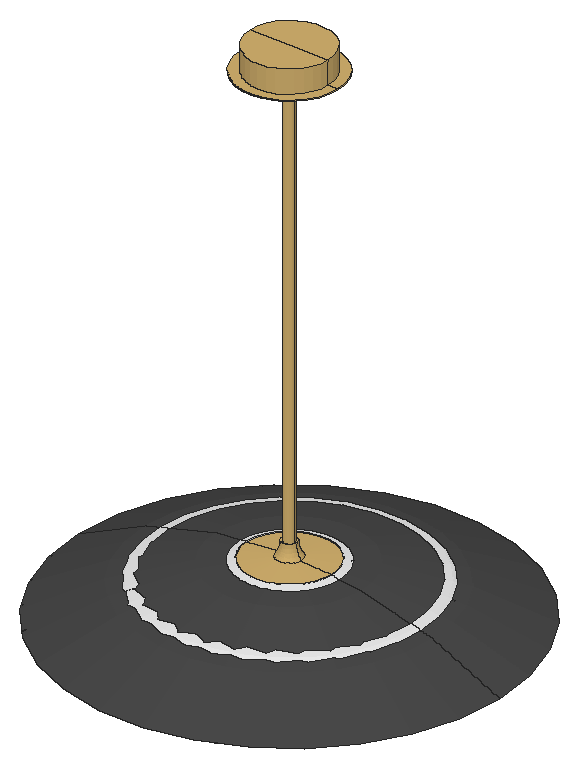
Revit family "3-647-xxxx - Spacely Pendant", category Lighting Fixtures, host Ceiling, Revit 2018
Family settings
  Host = Ceiling
  Round Connector Dimension = Use Diameter
  Part Type = Normal
  OmniClass Number = 23.80.70.11
  OmniClass Title = Luminaries for Internal Lighting
  Always vertical = Yes
  Cut with Voids When Loaded = No
  Light Source = Yes
  Shared = No
  Room Calculation Point = No
Parameters (values of type "3-647-1540 / Black - Aged Brass")
  Wattage Comments = "1 x 25W at 120"  # constant formula
  Wattage = 9.2903 W
  built-in parameter 1150110 = 1 (stored number, unit not read)
  Voltage Input = "120 V or 277 V - 50/60 Hz"  # constant formula
  Voltage = 120 V
  URL = "www.oxygenlighting.com"
  built-in parameter 1114217 = 1 (stored number, unit not read)
  built-in parameter 1150109 = 1 (stored number, unit not read)
  built-in parameter 1150134 = (empty or 0)
  built-in parameter 1150113 = 1 (stored number, unit not read)
  References = "Ref. 3 = 120 V / Ref. 37 = 277 V"  # constant formula
  Pendant Height [instance] = 37.94494"
  Model = "3-647-xxxx / Spacely Pendant"  # constant formula
  Metal Finish 2 = 40 - Aged Brass
  Metal Finish 1 = 15 - Black
  Manufacturer = "Oxygen Lighting and Fans"  # constant formula
  Lumens = 1380 lm
  built-in parameter 1150115 = 1 (stored number, unit not read)
  built-in parameter 1150105 = 109.82 (stored number, unit not read)
  Light Source Symbol Size = 24"
  built-in parameter 1150137 = (empty or 0)
  built-in parameter 1150139 = (empty or 0)
  built-in parameter 1150112 = 1 (stored number, unit not read)
  built-in parameter 1150114 = 1 (stored number, unit not read)
  Lamp = "LED Array"  # constant formula
  built-in parameter 1150132 = 2
  built-in parameter 1150102 = (empty or 0)
  built-in parameter 1150138 = (empty or 0)
  built-in parameter 1150107 = 3000 (stored number, unit not read)
  built-in parameter 1150106 = 1.0982 (stored number, unit not read)
  built-in parameter 1150104 = 13.8 (stored number, unit not read)
  Dimming Lamp Color Temperature Shift = <None>
  Color Filter = 16777215
  built-in parameter 1114218 = 1 (stored number, unit not read)
  built-in parameter 1150133 = 10 (stored number, unit not read)
Reference planes (in)
  plane 1 "Light Source Axis (F/B)": y = 0
  plane 2: z = 0
  plane 3 "Light Source Axis (L/R)": x = 0
  plane 4 "Ceiling": z = 157.48031
  plane 5 "Light Source Elevation": z = 119.53537
  plane 6: z = 129.99305
Forms (in)
  Revolve 1, solid, material "40 - Aged Brass" <- "Metal Finish 2"
    sketch origin (0, 0, 0) x (1, 0, 0) y (0, 0, 1)
      loop
        line (0, 157.48031) -> (0, 129.99305) -> (0.32284, 129.99305) -> (0.32284, 156.03486) -> (3.00831, 156.03486) -> (3.00831, 156.07888) -> (2.40665, 156.07888) -> (2.40665, 157.48031) -> (0, 157.48031)
      axis (0, 129.99305) -> (0, 157.48031)
    angle from 0 to 360
Dimensions and locks (in)
  equal spacing: host sketch curve, plane 3 "Light Source Axis (L/R)", host sketch curve
  equal spacing: host sketch curve, plane 1 "Light Source Axis (F/B)", host sketch curve
  host sketch curve to host sketch curve = 157.48031"  (x2)
  plane 4 "Ceiling" to host ceiling = 0"
  locked: Revolve 1 sketch curve to Revolve 1 sketch curve at 1.44545
  locked: Revolve 1 sketch curve to Revolve 1 sketch curve at 2.40665
  locked: Revolve 1 sketch curve to Revolve 1 sketch curve at 3.00831
  locked: Revolve 1 sketch curve to Revolve 1 sketch curve at 0.04402
  locked: plane 5 "Light Source Elevation" to plane 6 at 10.45768
  "Pendant Height": plane 5 "Light Source Elevation" to plane 4 "Ceiling"
  aligned and locked: plane 3 "Light Source Axis (L/R)" to imposter light
  aligned and locked: plane 1 "Light Source Axis (F/B)" to imposter light
  aligned and locked: plane 5 "Light Source Elevation" to imposter light
  aligned and locked: plane 3 "Light Source Axis (L/R)" to Revolve 1 sketch curve
  aligned and locked: Revolve 1 sketch curve to plane 4 "Ceiling"
  aligned and locked: Revolve 1 sketch curve to Revolve 1 sketch curve
  aligned and locked: plane 3 "Light Source Axis (L/R)" to nested 1
  aligned and locked: plane 1 "Light Source Axis (F/B)" to nested 1
  aligned and locked: plane 6 to Revolve 1
  aligned and locked: plane 6 to nested 1
Automatic sketch dimensions
  Revolve 1 sketch curve to plane 6 = 0"
  plane 3 "Light Source Axis (L/R)" to Revolve 1 sketch curve = 0.32284"
  Revolve 1 sketch curve to level = 14.10347"
  Revolve 1 sketch curve to Revolve 1 sketch curve = 14.25924"
Nested families (in)
  nested 1: "Family2" at (0, 0, 129.99305), type "Family2"
Connectors (in)
  electrical at (0, 0, 157.48031), driven by "Voltage"
    settings: on Revolve 1, index 1, voltage 120 V, apparent load 0 VA, apparent load phase1 0 VA, apparent load phase2 0 VA, apparent load phase3 0 VA, power factor 1, load classification "Other", number of poles 1, system type 31, power factor state 1, is connector primary yes, connector utility no, sub classification motor no, connector description ""
Definition of nested family "Family2"
  Parameters (values of type "Family2")
    Metal Interior = none
    Metal Finish 2 = none
    Metal Finish 1 = none
  Reference planes (in)
    plane 1 "Center (Front/Back)": y = 0
    plane 2: z = 0
    plane 3 "Center (Left/Right)": x = 0
  Forms (in)
    Revolve 1, solid, material <- "Metal Finish 1"
      sketch origin (-61.03873, 0, -131.57218) x (1, 0, 0) y (0, 0, 1)
        loop
          line (61.03873, 130.77598) -> (61.03873, 130.73661)
          arc (61.03873, 130.73661) -> (67.73092, 129.86864) -> (73.99283, 127.35322) r 26.74496
          line (73.99283, 127.35322) -> (74.0735, 127.35322)
          arc (74.0735, 127.35322) -> (67.77491, 129.89781) -> (61.03873, 130.77598) r 26.78433
        axis (61.03873, 127.35322) -> (61.03873, 130.77598)
      angle from 0 to 360
    Revolve 2, solid, material <- "Metal Finish 2"
      sketch origin (-61.03873, 0, -131.57218) x (1, 0, 0) y (0, 0, 1)
        loop
          arc (61.03873, 121.18985) -> (62.78911, 121.39248) -> (64.44692, 121.98962) r 7.66183
          line (64.44692, 121.98962) -> (61.64406, 121.98962)
          arc (61.64406, 121.98962) -> (62.04537, 126.4321) -> (63.6548, 130.59219) r 16.03669
          arc (63.6548, 130.59219) -> (62.71689, 130.66998) -> (61.77683, 130.71477) r 26.78433
          arc (61.77683, 130.71477) -> (61.55789, 131.11891) -> (61.48166, 131.57218) r 1.39984
          line (61.48166, 131.57218) -> (61.03873, 131.57218) -> (61.03873, 121.18985)
        axis (61.03873, 121.18985) -> (61.03873, 131.57218)
      angle from 0 to 360
    Revolve 3, solid, material <- "Metal Interior"
      sketch origin (0, 0, 0) x (1, 0, 0) y (0, 0, 1)
        loop
          line (-12.9541, -4.21897) -> (-12.88111, -4.21897)
          arc (-12.88111, -4.21897) -> (-7.91184, -2.0914) -> (-2.61642, -1.00574) r 26.76421
          line (-2.61642, -1.00574) -> (-2.61642, -0.97013)
          arc (-2.61642, -0.97013) -> (-7.95118, -2.06661) -> (-12.9541, -4.21897) r 26.79965
        axis (0, -0.97013) -> (0, -4.21897)
      angle from 0 to 360
  Dimensions and locks (in)
    aligned and locked: level to plane 2
